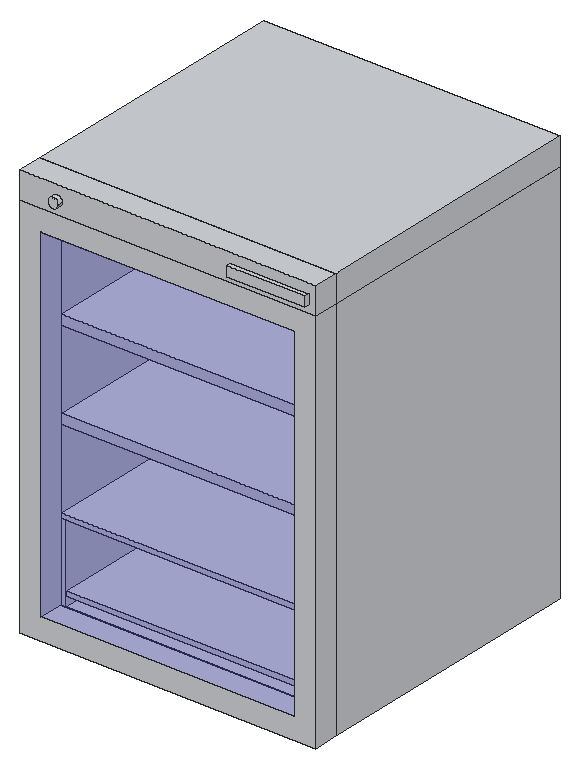
Revit family "Холодильные шкафы для вина", category Оборудование, Revit 2020
Family settings
  Размер круглого соединителя = Использовать диаметр
  Классификация = Нет
  Тип детали = Нормальный
  На основе рабочей плоскости = Нет
  Всегда вертикально = Да
  При загрузке вырезать с полостями = Нет
  Общий = Нет
  Точка расчета площади = Нет
Parameters (values of type "DW102-Bravo")
  Ширина = 606 mm
  Цена, руб. = "38 380"
  Холодильный шкаф = none
  Хладагент = "R134a"
  Условия окр. среды (темп./вл-сть,%) = "до +32/до 60"
  Угольный фильтр = "+"
  Тонированое стекло с УФ-защитой = "+"
  Тип охлаждения = "статический"
  Тип оттайки = "автом. с системой испарения конденсата"
  Терморегулятор = "эл.  блок"
  Система электропитания В/Гц = "230/50"
  Система обновления воздуха = "+"
  Расход электроэнергии за сутки, кВт/ч = ""
  Размеры в упаковке, мм = "720х660х1100"
  Потребляемая мощность, Вт, не более = ""
  Подсветка = "LED"
  Отметка по умолчанию = 0 mm
  Объем, л. = "150"
  Кол-во полок = "2"
  Замок = "+"
  Допустимая нагрузка на полку, кг = "40"
  Диап. рабочих температур = "+4....+18"
  Глубина = 625 mm
  Габаритные размеры, мм = "606х625х890"
  Высота = 890 mm
  Вес нетто, кг = "58"
  Вес брутто, кг = "65"
Reference planes
  plane 1 "По центру (Вперед/Назад)": y = 0
  plane 2: z = 0
  plane 3 "По центру (Влево/Вправо)": x = 0
  plane 4: x = -303
  plane 5: x = 303
  plane 6: y = -625
  plane 7: y = 0
  plane 8: y = -574
  plane 9: x = -260
  plane 10: x = 260
  plane 11: y = -43
  plane 12: z = 890
  plane 13: z = 834.5
  plane 14: z = 40
  plane 15: z = 791.5
  plane 16: z = 83
  plane 17: y = -655
  plane 18: x = -303
  plane 19: x = -260
  plane 20: x = -197
  plane 21: x = -193
  plane 22: y = -545
  plane 23: y = -110
  plane 24: x = 193
  plane 25: z = 425.833
  plane 26: z = 608.667
  plane 27: y = -333.335
  plane 28: z = 860
  plane 29: z = 437.25
  plane 30: z = 243
  plane 31: z = 103
Forms (mm)
  Extrusion 1, solid, material <- "Холодильный шкаф"
    sketch origin (0, 0, 0) x (1, 0, 0) y (0, 0, 1)
      loop
        line (-303, 834.5) -> (-303, 40) -> (303, 40) -> (303, 834.5) -> (-303, 834.5)
    from 0 to 574
  Extrusion 2, void
    sketch origin (0, 0, 0) x (1, 0, 0) y (0, 0, 1)
      loop
        line (-260, 791.5) -> (-260, 83) -> (260, 83) -> (260, 791.5) -> (-260, 791.5)
    from 43 to 574
  Extrusion 3, solid, material <- "Холодильный шкаф"
    sketch origin (0, 0, 0) x (1, 0, 0) y (0, 0, 1)
      loop
        line (-303, 834.5) -> (-303, 40) -> (303, 40) -> (303, 834.5) -> (-303, 834.5)
      loop
        line (-260, 791.5) -> (-260, 83) -> (260, 83) -> (260, 791.5) -> (-260, 791.5)
    from 574 to 625
  Extrusion 4, solid, material "Стекло"
    sketch origin (0, 0, 0) x (1, 0, 0) y (0, 0, 1)
      loop
        line (-260, 791.5) -> (-260, 83) -> (260, 83) -> (260, 791.5) -> (-260, 791.5)
    from 574 to 625
  Extrusion 5, solid, material <- "Холодильный шкаф"
    sketch origin (0, 0, 0) x (1, 0, 0) y (0, 0, 1)
      loop
        line (-303, 890) -> (-303, 834.5) -> (303, 834.5) -> (303, 890) -> (-303, 890)
    from 0 to 574
  Extrusion 6, solid
    sketch origin (0, 0, 0) x (1, 0, 0) y (0, 1, 0)
      loop
        circle (-193, -110) r 10
    from 0 to 40
  Extrusion 7, solid
    sketch origin (0, 0, 0) x (1, 0, 0) y (0, 1, 0)
      loop
        circle (-193, -545) r 10
    from 0 to 40
  Extrusion 8, solid
    sketch origin (0, 0, 0) x (1, 0, 0) y (0, 1, 0)
      loop
        circle (193, -110) r 10
    from 0 to 40
  Extrusion 9, solid
    sketch origin (0, 0, 0) x (1, 0, 0) y (0, 1, 0)
      loop
        circle (193, -545) r 10
    from 0 to 40
  Extrusion 10, solid, detail levels medium+fine
    sketch origin (0, 0, 0) x (1, 0, 0) y (0, 0, 1)
      loop
        line (-260, 618.667) -> (-260, 598.667) -> (260, 598.667) -> (260, 618.667) -> (-260, 618.667)
    from 43 to 574
  Extrusion 11, solid, detail levels medium+fine
    sketch origin (0, 0, 0) x (1, 0, 0) y (0, 0, 1)
      loop
        line (-260, 435.833) -> (-260, 415.833) -> (260, 415.833) -> (260, 435.833) -> (-260, 435.833)
    from 110 to 574
  Extrusion 12, solid
    sketch origin (0, 0, 0) x (1, 0, 0) y (0, 0, 1)
      loop
        line (-303, 890) -> (-303, 834.5) -> (303, 834.5) -> (303, 890) -> (-303, 890)
    from 574 to 625
  Extrusion 13, solid, detail levels medium+fine
    sketch origin (0, 0, 0) x (1, 0, 0) y (0, 0, 1)
      loop
        line (128.522, 869.874) -> (128.522, 849.874) -> (288.522, 849.874) -> (288.522, 869.874) -> (128.522, 869.874)
    from 625 to 634.845
  Extrusion 14, solid, detail levels medium+fine
    sketch origin (0, 0, 0) x (1, 0, 0) y (0, 0, 1)
      loop
        circle (-226.654, 860) r 10
    from 625 to 634.845
  Extrusion 15, solid, detail levels medium+fine
    sketch origin (0, 0, 0) x (1, 0, 0) y (0, 0, 1)
      loop
        line (-260, 243) -> (-260, 83) -> (-250, 83) -> (-250, 243) -> (-260, 243)
      loop
        line (250, 243) -> (250, 83) -> (260, 83) -> (260, 243) -> (250, 243)
    from 43 to 574
  Extrusion 16, solid, detail levels medium+fine
    sketch origin (0, 0, 0) x (1, 0, 0) y (0, 0, 1)
      loop
        line (-260, 253) -> (-260, 243) -> (260, 243) -> (260, 253) -> (-260, 253)
      loop
        line (-250, 113) -> (-250, 103) -> (250, 103) -> (250, 113) -> (-250, 113)
    from 43 to 574
Cuts and joins
  Extrusion 2 cuts Extrusion 1
Dimensions and locks
  equal spacing: plane 4, plane 3 "По центру (Влево/Вправо)", plane 5
  "Ширина": plane 4 to plane 5
  "Глубина": plane 6 to plane 1 "По центру (Вперед/Назад)"
  plane 7 to plane 8 = 574 mm
  locked: plane 8 to plane 6 at 51
  locked: plane 7 to plane 11 at 43
  locked: plane 4 to plane 9 at 43
  locked: plane 10 to plane 5 at 43
  "Высота": plane 12 to plane 2
  plane 13 to plane 14 = 794.5 mm
  locked: plane 14 to plane 2 at 40
  locked: plane 13 to plane 15 at 43
  locked: plane 16 to plane 14 at 43
  locked: plane 6 to plane 17 at 30
  plane 5 to plane 18 = 606 mm
  locked: plane 19 to plane 18 at 43
  locked: plane 20 to plane 5 at 500
  locked: plane 24 to plane 5 at 110
  locked: plane 4 to plane 21 at 110
  locked: plane 7 to plane 23 at 110
  locked: plane 22 to plane 17 at 110
  equal spacing: plane 15, plane 26, plane 25, plane 30
  equal spacing: Extrusion 10 sketch curve, plane 26, Extrusion 10 sketch curve, locked at 10 each
  equal spacing: Extrusion 11 sketch curve, plane 25, Extrusion 11 sketch curve, locked at 10 each
  locked: Extrusion 13 sketch curve to Extrusion 13 sketch curve at 20
  locked: Extrusion 13 sketch curve to Extrusion 13 sketch curve at 160
  locked: plane 6 to Extrusion 13 at 9.845
  locked: plane 5 to Extrusion 13 at 14.478
  locked: plane 11 to plane 27 at 290.335
  locked: plane 12 to plane 28 at 30
  equal spacing: plane 15, plane 29, plane 16
  locked: plane 12 to plane 13 at 55.5
  locked: plane 31 to plane 16 at 20
  locked: plane 30 to plane 31 at 140
  locked: Extrusion 15 sketch curve to Extrusion 15 sketch curve at 10
  locked: Extrusion 4 to Extrusion 15 sketch curve at 10
  locked: Extrusion 16 sketch curve to Extrusion 16 sketch curve at 10  (x2)
  aligned and locked: level to plane 2
  aligned and locked: plane 14 to Extrusion 1 sketch curve
  aligned and locked: Extrusion 1 sketch curve to plane 13
  aligned and locked: Extrusion 1 sketch curve to plane 5
  aligned and locked: plane 7 to Extrusion 1
  aligned and locked: Extrusion 1 to plane 8
  aligned and locked: Extrusion 2 sketch curve to plane 15
  aligned and locked: plane 16 to Extrusion 2 sketch curve
  aligned and locked: Extrusion 2 sketch curve to plane 10
  aligned and locked: plane 11 to Extrusion 2
  aligned and locked: Extrusion 2 to plane 8
  aligned and locked: Extrusion 3 sketch curve to cut or joined group of Extrusion 1, Extrusion 2  (x3)
  aligned and locked: Extrusion 3 to plane 6
  aligned and locked: plane 8 to Extrusion 3
  aligned and locked: Extrusion 3 sketch curve to plane 15
  aligned and locked: Extrusion 3 sketch curve to plane 10
  aligned and locked: plane 16 to Extrusion 3 sketch curve
  aligned and locked: Extrusion 4 sketch curve to plane 15
  aligned and locked: plane 16 to Extrusion 4 sketch curve
  aligned and locked: Extrusion 4 sketch curve to plane 10
  aligned and locked: Extrusion 4 to plane 6
  aligned and locked: plane 19 to Extrusion 4 sketch curve
  aligned and locked: plane 19 to Extrusion 3 sketch curve
  aligned and locked: plane 18 to Extrusion 3 sketch curve
  aligned and locked: plane 8 to Extrusion 4
  aligned and locked: plane 19 to Extrusion 2 sketch curve
  aligned and locked: plane 18 to Extrusion 1 sketch curve
  aligned and locked: Extrusion 5 sketch curve to plane 12
  aligned and locked: Extrusion 5 sketch curve to cut or joined group of Extrusion 1, Extrusion 2  (x2)
  aligned and locked: Extrusion 5 to plane 8
  aligned and locked: plane 7 to Extrusion 5
  aligned and locked: Extrusion 5 sketch curve to plane 4
  aligned and locked: plane 14 to Extrusion 6
  aligned and locked: Extrusion 6 to level
  aligned and locked: plane 14 to Extrusion 7
  aligned and locked: Extrusion 7 to level
  aligned and locked: plane 14 to Extrusion 8
  aligned and locked: Extrusion 8 to level
  aligned and locked: plane 14 to Extrusion 9
  aligned and locked: Extrusion 9 to level
  aligned and locked: plane 9 to Extrusion 10 sketch curve
  aligned and locked: Extrusion 10 sketch curve to plane 10
  aligned and locked: Extrusion 10 to plane 8
  aligned and locked: plane 11 to Extrusion 10
  aligned and locked: plane 7 to plane 1 "По центру (Вперед/Назад)"
  aligned and locked: plane 9 to Extrusion 11 sketch curve
  aligned and locked: Extrusion 11 sketch curve to plane 10
  aligned and locked: Extrusion 12 sketch curve to Extrusion 5  (x2)
  aligned and locked: Extrusion 12 sketch curve to cut or joined group of Extrusion 1, Extrusion 2  (x2)
  aligned and locked: Extrusion 12 to plane 6
  aligned and locked: plane 8 to Extrusion 12
  aligned and locked: plane 6 to Extrusion 13
  aligned and locked: plane 18 to plane 4
  aligned and locked: Extrusion 11 to plane 8
  aligned and locked: plane 23 to Extrusion 11
  aligned and locked: Extrusion 14 to Extrusion 13
  aligned and locked: plane 6 to Extrusion 14
  aligned and locked: Extrusion 15 sketch curve to plane 30  (x2)
  aligned and locked: plane 9 to Extrusion 15 sketch curve
  aligned and locked: Extrusion 15 sketch curve to plane 10
  aligned and locked: Extrusion 15 to plane 8
  aligned and locked: plane 11 to Extrusion 15
  aligned and locked: plane 16 to Extrusion 15 sketch curve  (x2)
  aligned and locked: plane 30 to Extrusion 16 sketch curve
  aligned and locked: Extrusion 15 to Extrusion 16 sketch curve  (x2)
  aligned and locked: plane 31 to Extrusion 16 sketch curve
  aligned and locked: plane 9 to Extrusion 16 sketch curve
  aligned and locked: Extrusion 16 to plane 8
  aligned and locked: plane 11 to Extrusion 16
Automatic sketch dimensions
  Extrusion 6 sketch curve to plane 21 = 0 mm
  Extrusion 6 sketch curve to plane 23 = 0 mm
  Extrusion 7 sketch curve to plane 21 = 0 mm
  Extrusion 7 sketch curve to plane 22 = 0 mm
  Extrusion 8 sketch curve to plane 23 = 0 mm
  Extrusion 8 sketch curve to plane 24 = 0 mm
  Extrusion 9 sketch curve to plane 22 = 0 mm
  Extrusion 9 sketch curve to plane 24 = 0 mm
  Extrusion 10 sketch curve to plane 26 = 10 mm
  Extrusion 11 sketch curve to plane 25 = 10 mm
  Extrusion 13 sketch curve to plane 5 = 14.478 mm
  Extrusion 13 sketch curve to plane 12 = 40.126 mm
  Extrusion 14 sketch curve to plane 28 = 0 mm
  Extrusion 14 sketch curve to plane 20 = 29.654 mm
  Extrusion 16 sketch curve to plane 10 = 0 mm
  radius of Extrusion 6 sketch curve = 10 mm
  radius of Extrusion 7 sketch curve = 10 mm
  radius of Extrusion 8 sketch curve = 10 mm
  radius of Extrusion 9 sketch curve = 10 mm
  radius of Extrusion 14 sketch curve = 10 mm
